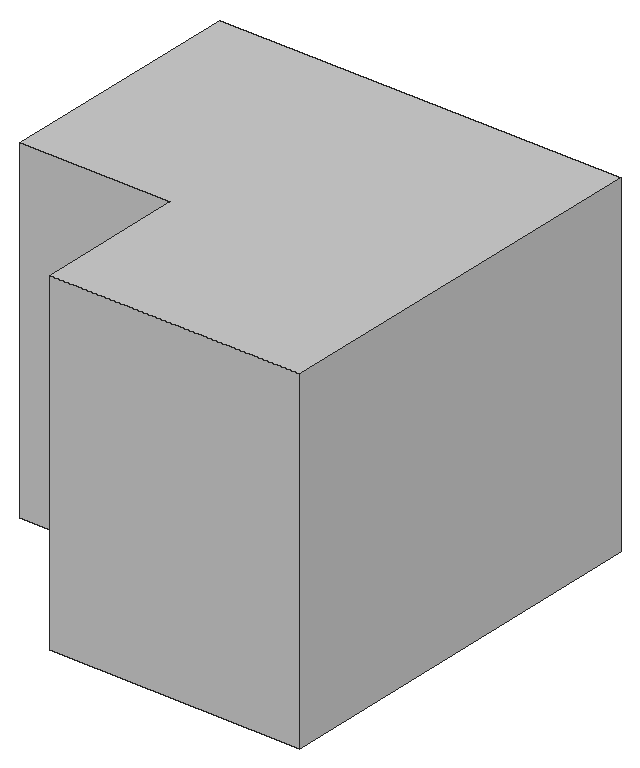
Revit family "LAMP_FIL ACC SUSPENDED 90º CORNER", category Modelos genéricos, Revit 2015
Parameters (values of type "GREY")
  Weight = 0.20 kg
  Product datasheet = "https://www.lamp.es/product-files/TECHF5SUHCG-EN.pdf"
  Product code = "F5SUHCG"
  Modelo = Product code  # "F5SUHCG"
  Material [instance] = LAMP_Aluminio Perfil Fil GR
  Manufacturer name = "LAMP"
  Manufacturer country = "Spain"
  Manufacturer URL = "http://www.lamp.es/en"
  Last update = "19/08/2020"
  Installation instructions = ""
  Finish = "Gloss grey"
  Fabricante = Manufacturer name  # "LAMP"
  Descripción = "FIL ACC. SUS 90º CORNER GR."
  Accessory type = "Assembly"
Types (3, lengths in mm): name | Product datasheet | Product code | Modelo | Material | Finish | Descripción
  (no name) | "https://www.lamp.es/product-files/TECHF5SUHCG-EN.pdf" | "F5SUHCG" | "F5SUHCG" | LAMP_Aluminio Perfil Fil GR | "Gloss grey" | "FIL ACC. SUS 90º CORNER GR."
  GREY | "https://www.lamp.es/product-files/TECHF5SUHCG-EN.pdf" | "F5SUHCG" | "F5SUHCG" | LAMP_Aluminio Perfil Fil GR | "Gloss grey" | "FIL ACC. SUS 90º CORNER GR."
  WHITE | "https://www.lamp.es/product-files/F5SUHCW-EN.pdf" | "F5SUHCW" | "F5SUHCW" | LAMP_Aluminio Perfil Fil BL | "Matt white" | "FIL ACC. SUS 90º CORNER WH."
Reference planes
  plane 1 "Centro (Frontal/Posterior)": y = 0
  plane 2: z = 0
  plane 3 "Centro (Izquierda/Derecha)": x = 0
Forms (mm)
  Sweep 1, solid, material "LAMP_Aluminio Perfil Fil GR" <- "Material"
    path origin (0, 0, 0) x (1, 0, 0) y (0, 1, 0)
      loop
        line (0, 80) -> (80, 80) -> (80, 0)
    profile origin (40, 80, 0) x (0, 1, 0) y (0, 0, 1)
      loop
        line (0, 0) -> (0, 67) -> (-50, 67) -> (-50, 0) -> (0, 0)
Text (mm)
  text "Any modification of the parameters and properties of the LAMP BIM models must be executed and validated by the LAMP technical department.\n\nPhone: +34 93 736 68 00\n\nE-mail: lamp@lamp.es\n\n\n\nLAMP reserves the right to modify the technical specifications of its products." at (-8775.684, -54264.754, 34061.728), in view "Preview"
Dimensions and locks
  aligned and locked: level to plane 2
